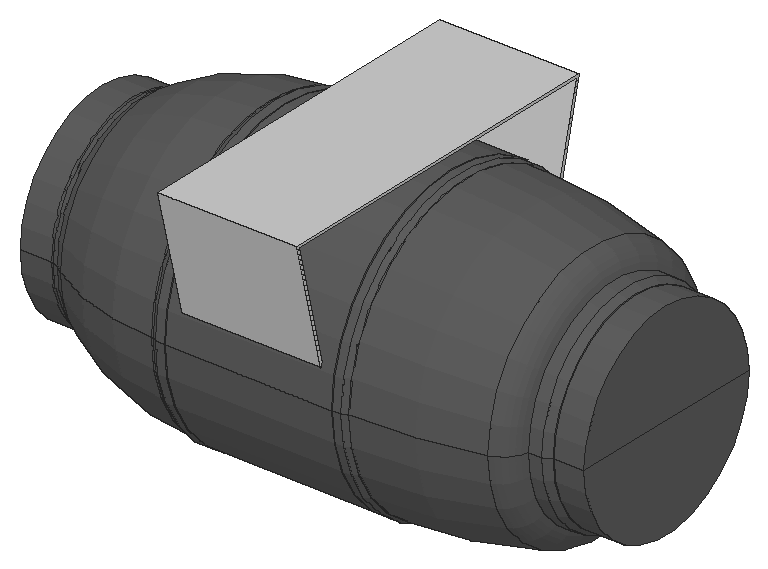
Revit family "90000361 - Aventa Silent AVS 200 - BIM file", category Mechanical Equipment, Revit 2023
Family settings
  Round Connector Dimension = Use Diameter
  Classification = None
  Part Type = Breaks Into
  OmniClass Number = 23.75.35.17.11
  OmniClass Title = Fans for Air Ductwork
  Work Plane-Based = No
  Always vertical = No
  Cut with Voids When Loaded = No
  Maintain Annotation Orientation = No
  Shared = No
  Room Calculation Point = No
Parameters (values of type "Aventa Silent AVS200 Basic")
  Weight = 8.00 kg
  Voltage = 230 V
  URL = "https://www.airflow.com"
  Type Comments = "Inline fan single speed up to to 810 m3/h"
  Transported Air Temperature (°C) = "-25...+60"
  RPM (min-1) = 2015
  R1 = D1 / 2  # 146.5 mm
  Protection rating = "IPX4"
  Power Factor = 1
  Number of Poles = 1
  Noise Level at 3 m (dBa) = 31
  Mounting Hanger [instance] = yes
  Material Finish = "Polymer Coated Steel"
  Maintenance Zone Length Calc = if(Maintenance Zone Length < L, L, Maintenance Zone Length)  # 600 mm
  L27 = 9 mm
  L26 = 6 mm
  L25 = L21 - L22 - L23 - L24 - L26 - L27  # 122 mm
  L24 = 21 mm
  L21 = 179 mm
  L17 = 9 mm
  L16 = 6 mm
  L15 = L11 - L12 - L13 - L14 - L16 - L17  # 116 mm
  L14 = 10 mm
  L11 = 148 mm
  HangerW = 135 mm
  HangerL1 = 275 mm
  HangerL = 344 mm
  HangerH = HangerBaseH  # 149 mm
  HangerExtraL = no
  HangerBaseH = 149 mm
  Model = "Aventa Silent AV200 Basic"
  Manufacturer = "Airflow"
  Maintenance Zone Width = 600 mm
  Maintenance Zone Material = Maintenance Zone
  Maintenance Zone Length = 600 mm
  Maintenance Zone Height = 600 mm
  Maintenance Zone [instance] = no
  Load Classification = HVAC
  L23 = 13 mm
  L22 = 8 mm
  L2 = 30 mm
  L13 = 4 mm
  L12 = 3 mm
  L1 = 30 mm
  L = 550 mm
  Hanger Material = Metal Zinc
  Flow direction symbol [instance] = yes
  Flow Factor [instance] = 1  # constant formula
  Family Version = "1.0"  # constant formula
  ElBoxW = 104 mm
  ElBoxR = 15 mm  # constant formula
  ElBoxL = 104 mm
  ElBoxH = 53 mm
  Distribution Box Material = Distribution Box Dark Grey
  Dimensions = "(H) 295 x (W) 550 x (D) 386mm"
  Description = "Inline mixed-flow fan suitable for domestic and light commercial facilities"
  Default Elevation = 0 mm
  Dd26 = 44 mm
  Dd24 = 27 mm
  Dd22 = 4 mm
  Dd23 = 5 mm
  Dd16 = 44 mm
  Dd14 = 9 mm
  Dd13 = 2 mm
  Dd12 = 1 mm
  D1 = 293 mm
  D = 200 mm
  Copyright = "©Airflow"
  Duct Connection Size = 200 mm
  Fan Material = Metal Black
  Maximum Air Flow = 810 m³/h
  Airflow part no = "90000361"
  Air Flow [instance] = 0 m³/h
  Power = 78 W
  Current = 0.35 A
  Apparent Power = Power / Power Factor  # 78 VA
Types (2, lengths in mm): name | URL | Type Comments | RPM (min-1) | Noise Level at 3 m (dBa) | Model | Maximum Air Flow | Airflow part no | Power | Current | Apparent Power
  Aventa Silent AVS200 Basic | "https://www.airflow.com" | "Inline fan single speed up to to 810 m3/h" | 2015 | 31 | "Aventa Silent AV200 Basic" | 810 m³/h | "90000361" | 78 W | 0.35 A | 78 VA
  Aventa Silent AVS200 Timer | "https://www.airflow.com/" | "Inline fan single speed up to 1020m3/h" | 2445 | 36 | "Aventa Silent AVS200 Timer" | 1020 m³/h | "90002121" | 110 W | 0.49 A | 110 VA
Reference planes
  plane 1 "Center (Front/Back)": y = 0
  plane 2: z = 0
  plane 3 "Center (Left/Right)": x = 0
  plane 4: y = 100
  plane 5: y = -100
  plane 6: y = 146.5
  plane 7: y = -146.5
  plane 8: x = 550
  plane 9 "C": x = 341
  plane 10: x = 178
  plane 11 "CenterL": x = 275
  plane 12: x = 30
  plane 13: x = 169
  plane 14: y = 101
  plane 15 "CenterOfCentralPart": x = 259.5
  plane 16 "ElBoxHeight": z = -53
  plane 17 "HangerHeight": z = 149
  plane 18: y = 102
  plane 19: y = 109
  plane 20: x = 47
  plane 21: x = 37
  plane 22: x = 33
  plane 23: x = 163
  plane 24: y = 144
  plane 25: x = 164
  plane 26: x = 350
  plane 27: y = 104
  plane 28: y = 105
  plane 29: y = 127
  plane 30: x = 478
  plane 31: x = 499
  plane 32: x = 512
  plane 33: x = 356
  plane 34: y = 144
  plane 35: x = 355
  plane 36: x = 520
Forms (mm)
  Revolve 1, solid, material "Metal Black" <- "Fan Material", detail levels medium+fine
    sketch origin (368, 0, 0) x (1, 0, 0) y (0, 1, 0)
      loop
        line (-338, 0) -> (-190, 0) -> (-190, 146.5) -> (-199, 146.5) -> (-204, 144) -> (-205, 144)
        arc (-205, 144) -> (-265.583, 135.059) -> (-321, 109) r 209.729
        arc (-321, 109) -> (-326.027, 105.538) -> (-331, 102) r 402.771
        line (-331, 102) -> (-335, 101) -> (-338, 100) -> (-338, 0)
      axis (-190, 0) -> (-338, 0)
    angle from 0 to 360
  Revolve 2, solid, material "Metal Black" <- "Fan Material", detail levels medium+fine
    sketch origin (368, 0, 0) x (1, 0, 0) y (0, 1, 0)
      loop
        line (152, 100) -> (152, 0) -> (182, 0) -> (182, 100) -> (152, 100)
      axis (182, 0) -> (152, 0)
    angle from 0 to 360
  Revolve 3, solid, material "Metal Black" <- "Fan Material", detail levels medium+fine
    sketch origin (368, 0, 0) x (1, 0, 0) y (0, 1, 0)
      loop
        line (-368, 100) -> (-368, 0) -> (-338, 0) -> (-338, 100) -> (-368, 100)
      axis (-338, 0) -> (-368, 0)
    angle from 0 to 360
  Revolve 4, solid, material "Metal Black" <- "Fan Material", detail levels medium+fine
    sketch origin (0, 0, 0) x (1, 0, 0) y (0, 1, 0)
      loop
        line (178, 146.5) -> (178, 0) -> (341, 0) -> (341, 146.5) -> (178, 146.5)
      axis (178, 0) -> (341, 0)
    angle from 0 to 360
  Revolve 5, solid, material "Metal Black" <- "Fan Material", detail levels medium+fine
    sketch origin (117, 0, 0) x (-1, 0, 0) y (0, 1, 0)
      loop
        line (-403, 0) -> (-224, 0) -> (-224, 146.5) -> (-233, 146.5) -> (-238, 144) -> (-239, 144)
        arc (-239, 144) -> (-300.589, 139.73) -> (-361, 127) r 446.265
        arc (-361, 127) -> (-374.496, 118.859) -> (-382, 105) r 29.992
        line (-382, 105) -> (-395, 104) -> (-403, 100) -> (-403, 0)
      axis (-224, 0) -> (-403, 0)
    angle from 0 to 360
Cuts and joins
  joined: Revolve 1, Revolve 3
Dimensions and locks
  equal spacing: plane 4, plane 1 "Center (Front/Back)", plane 5
  "D": plane 4 to plane 5
  equal spacing: plane 7, plane 1 "Center (Front/Back)", plane 6
  "D1": plane 6 to plane 7
  "L": plane 3 "Center (Left/Right)" to plane 8
  equal spacing: plane 3 "Center (Left/Right)", plane 11 "CenterL", plane 8
  "L1": plane 3 "Center (Left/Right)" to plane 12
  "Dd12": plane 14 to plane 4
  equal spacing: plane 10, plane 15 "CenterOfCentralPart", plane 9 "C"
  "ElBoxH": level to plane 16 "ElBoxHeight"
  "HangerBaseH": plane 17 "HangerHeight" to level
  "Dd13": plane 18 to plane 4
  "Dd14": plane 19 to plane 4
  "L11": plane 12 to plane 10
  "L12": plane 12 to plane 22
  "L13": plane 22 to plane 21
  "L14": plane 21 to plane 20
  "L17": plane 13 to plane 10
  "L16": plane 23 to plane 13
  "Dd16": plane 24 to plane 4
  locked: plane 23 to plane 25 at 1
  "L23": plane 32 to plane 31
  "L24": plane 31 to plane 30
  "L26": plane 33 to plane 26
  locked: plane 33 to plane 35 at 1
  "L2": plane 36 to plane 8
  "L21": plane 9 "C" to plane 36
  "L22": plane 32 to plane 36
  "L27": plane 9 "C" to plane 26
  "Dd22": plane 27 to plane 4
  "Dd23": plane 28 to plane 4
  "Dd24": plane 29 to plane 4
  "Dd26": plane 34 to plane 4
  locked: plane 15 "CenterOfCentralPart" to nested 6
  aligned and locked: level to plane 2
  aligned and locked: Revolve 2 sketch curve to plane 4
  aligned and locked: Revolve 2 sketch curve to plane 8
  aligned and locked: Revolve 2 sketch curve to plane 1 "Center (Front/Back)"
  aligned and locked: Revolve 3 sketch curve to plane 4
  aligned and locked: Revolve 3 sketch curve to plane 1 "Center (Front/Back)"
  aligned and locked: plane 3 "Center (Left/Right)" to Revolve 3 sketch curve
  aligned and locked: plane 1 "Center (Front/Back)" to nested 1
  aligned and locked: nested 2 to level
  aligned and locked: plane 1 "Center (Front/Back)" to nested 3
  aligned and locked: nested 3 to plane 3 "Center (Left/Right)"
  aligned and locked: plane 1 "Center (Front/Back)" to nested 4
  aligned and locked: Revolve 4 sketch curve to plane 6
  aligned and locked: Revolve 4 sketch curve to nested 4
  aligned and locked: Revolve 4 sketch curve to Revolve 4 sketch curve  (x2)
  aligned and locked: plane 11 "CenterL" to nested 4
  aligned and locked: Revolve 4 sketch curve to plane 9 "C"
  aligned and locked: plane 15 "CenterOfCentralPart" to nested 1
  aligned and locked: plane 15 "CenterOfCentralPart" to nested 2
  aligned and locked: nested 5 to plane 1 "Center (Front/Back)"
  aligned and locked: plane 15 "CenterOfCentralPart" to nested 5
  aligned and locked: Revolve 1 sketch curve to plane 1 "Center (Front/Back)"
  aligned and locked: plane 4 to Revolve 1 sketch curve
  aligned and locked: plane 1 "Center (Front/Back)" to Revolve 1 sketch curve
  aligned and locked: Revolve 1 sketch curve to plane 6
  aligned and locked: plane 25 to Revolve 1 sketch curve
  aligned and locked: plane 24 to Revolve 1 sketch curve
  aligned and locked: Revolve 5 sketch curve to plane 35
  aligned and locked: Revolve 5 sketch curve to plane 34
  aligned and locked: Revolve 2 to plane 36
Automatic sketch dimensions
  plane 1 "Center (Front/Back)" to Revolve 2 sketch curve = 0 mm
  Revolve 2 sketch curve to plane 8 = 30 mm
  Revolve 2 sketch curve to plane 3 "Center (Left/Right)" = 1632 mm
  Revolve 2 sketch curve to Revolve 2 sketch curve = 2138 mm
  plane 1 "Center (Front/Back)" to Revolve 3 sketch curve = 0 mm
  Revolve 3 sketch curve to plane 12 = 0 mm
  Revolve 3 sketch curve to plane 3 "Center (Left/Right)" = 1646 mm
  plane 8 to Revolve 3 sketch curve = 2149 mm
  Revolve 4 sketch curve to plane 10 = 0 mm
  Revolve 4 sketch curve to plane 11 "CenterL" = 0 mm
  Revolve 1 sketch curve to plane 12 = 0 mm
  Revolve 1 sketch curve to plane 14 = 0 mm
  Revolve 1 sketch curve to plane 22 = 0 mm
  Revolve 1 sketch curve to plane 18 = 0 mm
  Revolve 1 sketch curve to plane 21 = 0 mm
  Revolve 1 sketch curve to plane 19 = 0 mm
  Revolve 1 sketch curve to plane 20 = 0 mm
  Revolve 1 sketch curve to plane 23 = 0 mm
  Revolve 1 sketch curve to plane 13 = 0 mm
  Revolve 1 sketch curve to plane 10 = 0 mm
  Revolve 1 sketch curve to plane 11 "CenterL" = 2.053 mm
  Revolve 1 sketch curve to plane 3 "Center (Left/Right)" = 2000 mm
  plane 8 to Revolve 1 sketch curve = 1495 mm
  plane 1 "Center (Front/Back)" to Revolve 5 sketch curve = 0 mm  (x2)
  Revolve 5 sketch curve to plane 36 = 0 mm
  Revolve 5 sketch curve to plane 27 = 0 mm
  Revolve 5 sketch curve to plane 32 = 0 mm
  Revolve 5 sketch curve to plane 28 = 0 mm
  Revolve 5 sketch curve to plane 31 = 0 mm
  Revolve 5 sketch curve to plane 29 = 0 mm  (x2)
  Revolve 5 sketch curve to plane 30 = 0 mm
  Revolve 5 sketch curve to plane 33 = 0 mm
  Revolve 5 sketch curve to plane 6 = 0 mm
  Revolve 5 sketch curve to plane 26 = 0 mm
  Revolve 5 sketch curve to plane 9 "C" = 0 mm
  Revolve 5 sketch curve to plane 4 = 0 mm
  Revolve 5 sketch curve to plane 8 = 1980 mm
  plane 3 "Center (Left/Right)" to Revolve 5 sketch curve = 1515 mm
Nested families
  nested 1: "GraphicalSymbol_Fun_FlowDirection" at (259.5, 0, 0), visible <- "Flow direction symbol", type "GraphicalSymbol_Fun_FlowDirection", detail levels medium+fine
    with Length 50 mm, Height 50 mm, B 25 mm, A 16.667 mm
  nested 2: "GraphicalSymbol_Fun_FlowDirection" at (259.5, 0, 0) x (1, 0, 0) z (0, -1, 0), type "GraphicalSymbol_Fun_FlowDirection"
    with Length 50 mm, Height 50 mm, B 25 mm, A 16.667 mm
  nested 3: "GraphicalSymbol_Fan_1" at (275, 0, 0), type "GraphicalSymbol_Fan_1", detail levels coarse
    with Diameter 550 mm, A 137.5 mm
  nested 4: "MaintenanceZone_Rect" at (275, 0, 0), visible <- "Maintenance Zone", type "MaintenanceZone_Rect", detail levels medium+fine
    with Maintenance Zone Width 600 mm, Maintenance Zone Length 600 mm, Maintenance Zone Height 600 mm
  nested 5: "MountingHanger" at (259.5, 0, 149) x (0, 1, 0) z (0, 0, -1), visible <- "Mounting Hanger", type "MountingHanger", detail levels medium+fine
    with Width1 108 mm, Width 135 mm, Length2 384 mm, Length 344 mm, Lenght1Calc 275 mm, Length1 275 mm, Height 149 mm
  nested 6: "DistributionBox" at (259.5, -158.992, 96.59) x (1, 0, 0) z (0, -0.9706, -0.2409), type "DistributionBox", not visible, detail levels medium+fine
    with Hcon 26.5 mm, H1 53 mm, ConD 20 mm, ConB 26 mm, ConA 26 mm, B 104 mm, A 104 mm
Connectors
  hvac at (0, 0, 0), driven by "Duct Connection Size", driven by "Air Flow"
    settings: on cut or joined group of Revolve 1, Revolve 3, index 4, duct flow 0 m³/h, flow factor 0, pres drop 0.0 Pa, loss coef 0, conn angle 0.00°, conn width 304.8 mm, conn height 304.8 mm, conn diameter 200 mm, duct sys type 29, conn prof type 0, flow config 0, flow direction 0, loss method 0, conn ref index 5, conn util no, is conn primary yes, conn desc ""
  hvac at (550, 0, 0), driven by "Duct Connection Size"
    settings: on Revolve 2, index 5, duct flow 0 m³/h, flow factor 0, pres drop 0.0 Pa, loss coef 0, conn angle 0.00°, conn width 304.8 mm, conn height 304.8 mm, conn diameter 200 mm, duct sys type 28, conn prof type 0, flow config 0, flow direction 0, loss method 0, conn ref index 4, conn util no, is conn primary no, conn desc ""
  electrical at (259.5, -197.238, 140.675), driven by "Number of Poles", driven by "Load Classification", driven by "Voltage", driven by "Apparent Power", driven by "Power Factor"
    settings: on nested 6, index 7, voltage 230 V, apparent load 78 VA, apparent load phase1 0 VA, apparent load phase2 0 VA, apparent load phase3 0 VA, power factor 1, load classification "HVAC", number of poles 1, system type 30, power factor state 1, is connector primary yes, connector utility no, sub classification motor no, connector description ""
Definition of nested family "MaintenanceZone_Rect"
  Parameters (values of type "MaintenanceZone_Rect")
    Maintenance Zone Width = 500 mm
    Material = none
    Maintenance Zone Length = 1000 mm
    Maintenance Zone Height = 300 mm
    Family Version = ""
    Default Elevation = 1219.2 mm
    Copyright = ""
  Reference planes
    plane 1 "Center (Front/Back)": y = 0
    plane 2: z = 0
    plane 3 "Center (Left/Right)": x = 0
    plane 4: x = -500
    plane 5: x = 500
    plane 6: y = 250
    plane 7: y = -250
    plane 8: z = -300
  Forms (mm)
    Extrusion 1, solid, material <- "Material", detail levels medium+fine
      sketch origin (0, 0, 0) x (1, 0, 0) y (0, 1, 0)
        loop
          line (-500, 250) -> (-500, -250) -> (500, -250) -> (500, 250) -> (-500, 250)
      from 0 to -300
  Lines and regions (mm)
    symbolic lines, detail levels medium+fine
      curve 1: line (-500, 0, 0) -> (500, 0, 0)
      curve 2: line (-500, 0, -300) -> (-500, 0, 0)
      curve 3: line (500, 0, -300) -> (-500, 0, -300)
      curve 4: line (500, 0, 0) -> (500, 0, -300)
      curve 5: line (0, 250, 0) -> (0, -250, 0)
      curve 6: line (0, 250, -300) -> (0, 250, 0)
      curve 7: line (0, -250, -300) -> (0, 250, -300)
      curve 8: line (0, -250, 0) -> (0, -250, -300)
      curve 9: line (-500, 250, 0) -> (500, 250, 0)
      curve 10: line (-500, -250, 0) -> (-500, 250, 0)
      curve 11: line (500, -250, 0) -> (-500, -250, 0)
      curve 12: line (500, 250, 0) -> (500, -250, 0)
  Dimensions and locks
    equal spacing: plane 6, plane 1 "Center (Front/Back)", plane 7
    equal spacing: plane 4, plane 3 "Center (Left/Right)", plane 5
    "Maintenance Zone Width": plane 6 to plane 7
    "Maintenance Zone Length": plane 4 to plane 5
    "Maintenance Zone Height": plane 2 to plane 8
    aligned and locked: level to plane 2
    aligned and locked: Extrusion 1 sketch curve to plane 6
    aligned and locked: plane 4 to Extrusion 1 sketch curve
    aligned and locked: plane 7 to Extrusion 1 sketch curve
    aligned and locked: Extrusion 1 sketch curve to plane 5
    aligned and locked: Extrusion 1 to plane 8
    aligned and locked: curve 1 to Extrusion 1
    aligned and locked: curve 2 to Extrusion 1
    aligned and locked: curve 3 to Extrusion 1
    aligned and locked: curve 4 to Extrusion 1
    aligned and locked: curve 5 to Extrusion 1
    aligned and locked: curve 6 to Extrusion 1
    aligned and locked: curve 7 to Extrusion 1
    aligned and locked: curve 8 to Extrusion 1
    aligned and locked: curve 9 to Extrusion 1
    aligned and locked: curve 10 to Extrusion 1
    aligned and locked: curve 11 to Extrusion 1
    aligned and locked: curve 12 to Extrusion 1
Definition of nested family "MountingHanger"
  Parameters (values of type "MountingHanger")
    Width1 = Width * 0.8  # 160 mm
    Width = 200 mm
    Thikness = 2 mm
    Material = none
    Length2 = Length + 20 mm * 2  # 518 mm
    Length = 478 mm
    Lenght1Calc = if(Length1 = Length, Length - 0.5 mm, Length1)  # 396 mm
    Length1 = 396 mm
    Height1 = 10 mm
    Height = 219 mm
    ExtraLength = no
    Default Elevation = 1219.2 mm
  Reference planes
    plane 1 "Center (Front/Back)": y = 0
    plane 2: z = 0
    plane 3 "Center (Left/Right)": x = 0
    plane 4: x = -239
    plane 5: x = 239
    plane 6: y = 100
    plane 7: y = -100
    plane 8: z = 219
    plane 9: x = -198
    plane 10: x = 198
    plane 11: z = 209
    plane 12: y = 80
    plane 13: y = -80
    plane 14: x = -259
    plane 15: x = 259
    plane 16: x = -239
    plane 17: x = 239
  Forms (mm)
    Extrusion 1, solid, material <- "Material"
      sketch origin (0, 0, 0) x (1, 0, 0) y (0, 0, 1)
        loop
          line (-198, 209) -> (-239, 0) -> (239, 0) -> (198, 209) -> (198, 219) -> (196, 219) -> (196, 208.806) -> (236.57, 2) -> (-236.57, 2) -> (-196, 208.806) -> (-196, 219) -> (-198, 219) -> (-198, 209)
      from -100 to 100
    Extrusion 2, solid, material <- "Material", visible <- "ExtraLength"
      sketch origin (0, 0, 0) x (1, 0, 0) y (0, 1, 0)
        loop
          line (-259, 80) -> (-259, -80) -> (-239, -80) -> (-239, 80) -> (-259, 80)
        loop
          line (239, 80) -> (239, -80) -> (259, -80) -> (259, 80) -> (239, 80)
      from 0 to 2
  Dimensions and locks
    equal spacing: plane 4, plane 3 "Center (Left/Right)", plane 5
    "Length": plane 4 to plane 5
    plane 8 to level = 219 mm
    equal spacing: plane 6, plane 1 "Center (Front/Back)", plane 7
    "Width": plane 6 to plane 7
    "Height": plane 8 to level
    "Thikness": Extrusion 1 sketch curve to level
    "Thikness": Extrusion 1 sketch curve to Extrusion 1 sketch curve  (x2)
    "Thikness": Extrusion 1 sketch curve to plane 9
    "Thikness": plane 10 to Extrusion 1 sketch curve
    equal spacing: plane 9, plane 3 "Center (Left/Right)", plane 10
    "Lenght1Calc": plane 9 to plane 10
    "Height1": plane 8 to plane 11
    equal spacing: plane 12, plane 1 "Center (Front/Back)", plane 13
    "Width1": plane 12 to plane 13
    equal spacing: plane 14, plane 3 "Center (Left/Right)", plane 15
    "Length2": plane 14 to plane 15
    "Thikness": Extrusion 2 to level
    equal spacing: plane 16, plane 3 "Center (Left/Right)", plane 17
    "Length": plane 16 to plane 17
    aligned and locked: level to plane 2
    aligned and locked: plane 6 to Extrusion 1
    aligned and locked: Extrusion 1 to plane 7
    aligned and locked: plane 9 to Extrusion 1 sketch curve
    aligned and locked: plane 10 to Extrusion 1 sketch curve
    aligned and locked: Extrusion 2 sketch curve to plane 12  (x2)
    aligned and locked: plane 14 to Extrusion 2 sketch curve
    aligned and locked: plane 13 to Extrusion 2 sketch curve  (x2)
    aligned and locked: Extrusion 2 sketch curve to plane 16
    aligned and locked: plane 17 to Extrusion 2 sketch curve
    aligned and locked: Extrusion 2 sketch curve to plane 15
  Automatic sketch dimensions
    Extrusion 1 sketch curve to level = 0 mm
    Extrusion 1 sketch curve to plane 4 = 0 mm
    Extrusion 1 sketch curve to plane 5 = 0 mm
    Extrusion 1 sketch curve to plane 11 = 0 mm  (x2)
    Extrusion 1 sketch curve to plane 8 = 0 mm  (x2)
Definition of nested family "DistributionBox"
  Parameters (values of type "DistributionBox")
    Hcover = 10 mm
    Hcon = H1 / 2  # 12.5 mm
    H1 = 25 mm
    Distribution Box Material = none
    Default Elevation = 1219.2 mm
    ConD = 12 mm
    ConB = B / 4  # 12.5 mm
    ConA = A / 4  # 12.5 mm
    B = A  # 50 mm
    A = 50 mm
  Reference planes
    plane 1 "Center (Front/Back)": y = 0
    plane 2: z = 0
    plane 3 "Center (Left/Right)": x = 0
    plane 4: x = -25
    plane 5: x = 25
    plane 6 "Back": y = 25
    plane 7 "Front": y = -25
    plane 8: z = 25
    plane 9: z = 35
    plane 10: x = -12.5
    plane 11: x = 12.5
    plane 12: y = 12.5
    plane 13: y = -12.5
    plane 14: z = 12.5
  Forms (mm)
    Extrusion 1, solid, material <- "Distribution Box Material"
      sketch origin (0, 0, 0) x (1, 0, 0) y (0, 1, 0)
        loop
          arc (-22, 25) -> (-24.121, 24.121) -> (-25, 22) r 3
          line (-25, 22) -> (-25, -22)
          arc (-25, -22) -> (-24.121, -24.121) -> (-22, -25) r 3
          line (-22, -25) -> (22, -25)
          arc (22, -25) -> (24.121, -24.121) -> (25, -22) r 3
          line (25, -22) -> (25, 22)
          arc (25, 22) -> (24.121, 24.121) -> (22, 25) r 3
          line (22, 25) -> (-22, 25)
      from 0 to 25
    Extrusion 2, solid, material <- "Distribution Box Material"
      sketch origin (0, 0, 0) x (1, 0, 0) y (0, 1, 0)
        loop
          arc (-22, 25) -> (-24.121, 24.121) -> (-25, 22) r 3
          line (-25, 22) -> (-25, -22)
          arc (-25, -22) -> (-24.121, -24.121) -> (-22, -25) r 3
          line (-22, -25) -> (22, -25)
          arc (22, -25) -> (24.121, -24.121) -> (25, -22) r 3
          line (25, -22) -> (25, 22)
          arc (25, 22) -> (24.121, 24.121) -> (22, 25) r 3
          line (22, 25) -> (-22, 25)
      from 25 to 35
    Extrusion 3, void
      sketch origin (-568.953, -25, 1200) x (1, 0, 0) y (0, 0, 1)
        loop
          circle (556.453, -1187.5) r 6
        loop
          circle (581.453, -1187.5) r 6
      from -2.025 to 0
    Extrusion 4, void
      sketch origin (0, 25, 0) x (-1, 0, 0) y (0, 0, 1)
        loop
          circle (-12.5, 12.5) r 6
        loop
          circle (12.5, 12.5) r 6
      from 0 to -2
  Cuts and joins
    Extrusion 3, Extrusion 4 cuts Extrusion 1
    Extrusion 3 cuts Extrusion 2
  Dimensions and locks
    equal spacing: plane 6 "Back", plane 1 "Center (Front/Back)", plane 7 "Front"
    equal spacing: plane 4, plane 3 "Center (Left/Right)", plane 5
    "A": plane 6 "Back" to plane 7 "Front"
    "B": plane 4 to plane 5
    "H1": level to plane 8
    "Hcover": plane 8 to plane 9
    "ConA": plane 1 "Center (Front/Back)" to plane 12
    "ConA": plane 13 to plane 1 "Center (Front/Back)"
    "ConB": plane 10 to plane 3 "Center (Left/Right)"
    "ConB": plane 3 "Center (Left/Right)" to plane 11
    "Hcon": plane 14 to level
    "ConD": diameter of Extrusion 3 sketch curve  (x2)
    "ConD": diameter of Extrusion 4 sketch curve  (x2)
    aligned and locked: level to plane 2
    aligned and locked: Extrusion 1 sketch curve to plane 6 "Back"
    aligned and locked: plane 4 to Extrusion 1 sketch curve
    aligned and locked: plane 7 "Front" to Extrusion 1 sketch curve
    aligned and locked: Extrusion 1 sketch curve to plane 5
    aligned and locked: plane 8 to Extrusion 1
    aligned and locked: plane 4 to Extrusion 2 sketch curve
    aligned and locked: Extrusion 2 sketch curve to plane 5
    aligned and locked: Extrusion 2 sketch curve to plane 6 "Back"
    aligned and locked: plane 7 "Front" to Extrusion 2 sketch curve
    aligned and locked: Extrusion 2 to plane 8
    aligned and locked: plane 9 to Extrusion 2
  Automatic sketch dimensions
    Extrusion 1 sketch curve to Extrusion 1 sketch curve = 3 mm  (x2)
    Extrusion 1 sketch curve to plane 5 = 3 mm  (x2)
    plane 4 to Extrusion 2 sketch curve = 3 mm
    Extrusion 2 sketch curve to Extrusion 2 sketch curve = 3 mm
    Extrusion 2 sketch curve to plane 5 = 3 mm  (x2)
    Extrusion 3 sketch curve to plane 10 = 0 mm
    Extrusion 3 sketch curve to plane 11 = 0 mm
    Extrusion 3 sketch curve to plane 14 = 0 mm  (x2)
    Extrusion 4 sketch curve to plane 11 = 0 mm
    Extrusion 4 sketch curve to plane 10 = 0 mm
    Extrusion 4 sketch curve to plane 14 = 0 mm  (x2)
Definition of nested family "GraphicalSymbol_Fun_FlowDirection"
  Parameters (values of type "GraphicalSymbol_Fun_FlowDirection")
    Length = 100 mm
    Height = Length  # 100 mm
    B = Length / 2  # 50 mm
    A = Length / 3  # 33.333 mm
  Reference planes
    plane 1 "Center (Front/Back)": y = 0
    plane 2: z = 0
    plane 3 "Center (Left/Right)": x = 0
    plane 4: x = -33.333
    plane 5: x = 50
    plane 6: y = 50
    plane 7: y = -50
  Lines and regions (mm)
    detail lines, in view "Ref. Level"
      curve 1: line (-33.333, 50, 0) -> (-33.333, -50, 0)
      curve 2: line (50, 0, 0) -> (-33.333, -50, 0)
      curve 3: line (50, 0, 0) -> (-33.333, 50, 0)
  Dimensions and locks
    "A": plane 4 to plane 3 "Center (Left/Right)"
    "B": plane 3 "Center (Left/Right)" to plane 5
    equal spacing: plane 6, plane 1 "Center (Front/Back)", plane 7
    "Height": plane 6 to plane 7
    aligned and locked: curve 1 to plane 4
  Automatic sketch dimensions
    plane 1 "Center (Front/Back)" to curve 3 = 0 mm
    curve 3 to plane 5 = 0 mm
    curve 2 to plane 7 = 0 mm
    curve 3 to plane 6 = 0 mm
Definition of nested family "GraphicalSymbol_Fan_1"
  Parameters (values of type "GraphicalSymbol_Fan_1")
    Diameter = 100 mm
    Default Elevation = 1219.2 mm
    A = Diameter / 4  # 25 mm
  Reference planes
    plane 1 "Center (Front/Back)": y = 0
    plane 2: z = 0
    plane 3 "Center (Left/Right)": x = 0
    plane 4: x = -25
  Lines and regions (mm)
    model lines
      curve 1: circle (0, 0, 0) r 50 normal (0, 0, 1)
      curve 4: line (-25, 43.301, 0) -> (-25, -43.301, 0)
      curve 5: line (-25, 43.301, 0) -> (50, 0, 0)
      curve 6: line (-25, -43.301, 0) -> (50, 0, 0)
    reference lines
      curve 2: line (50, 141.389, 0) -> (50, -158.611, 0)
      curve 3: line (-50, 141.389, 0) -> (-50, -158.611, 0)
  Dimensions and locks
    equal spacing: curve 3, plane 3 "Center (Left/Right)", curve 2
    "Diameter": curve 3 to curve 2
    "A": plane 4 to plane 3 "Center (Left/Right)"
    "Diameter": diameter of curve 1
    aligned and locked: level to plane 2
  Automatic sketch dimensions
    curve 4 to plane 4 = 0 mm
    plane 1 "Center (Front/Back)" to curve 1 = 0 mm
    curve 1 to plane 3 "Center (Left/Right)" = 0 mm
    plane 1 "Center (Front/Back)" to curve 6 = 0 mm
    plane 1 "Center (Front/Back)" to curve 2 = 158.611 mm
    curve 3 to curve 2 = 0 mm  (x2)
    curve 3 to plane 1 "Center (Front/Back)" = 141.389 mm
